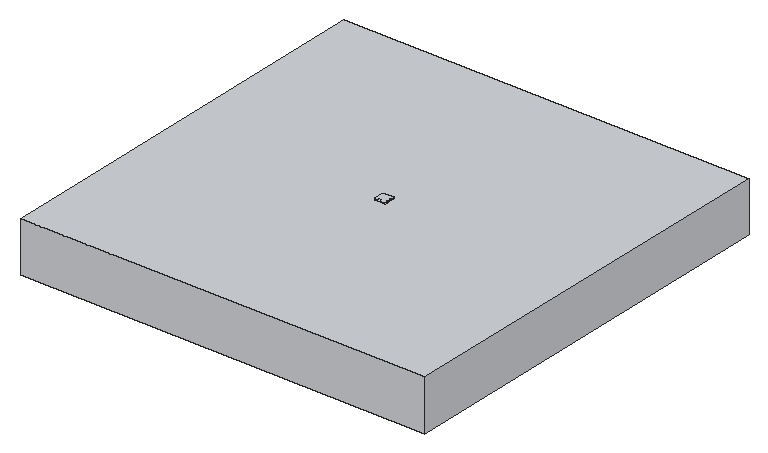
Revit family "Gira_010500", category Allgemeines Modell, Revit 2017
Family settings
  Basisbauteil = Fläche
  Kann Basisbauteil für Bewehrung sein = Nein
  Bemaßung runder Anschluss = Durchmesser verwenden
  Teiletyp = Normal
  Beim Laden mit Abzugskörper schneiden = Nein
  Gemeinsam genutzt = Nein
  Raumberechnungspunkt = Nein
Parameters
  Zusammenstellung = "Basiselement"
  Zufallsgenerator = no
  Werkstoffgüte = "sonstige"
  Werkstoff = "sonstige"
  Waschmaschinenschalter = no
  Default Elevation = 1219.2 mm
  Verwendbar mit Zeitschalter/Timer = no
  Verwendbar mit Taste = yes
  Verwendbar mit Präsenzmelder = no
  Verwendbar mit IR-Taste = no
  Verwendbar mit Funktaste = no
  Verwendbar mit Bewegungsmelder = no
  URL = "https://www.gira.de/"
  Typname = "Wippschalter Serien Einsatz"
  Transparent = no
  Textfeld/Beschriftungsfläche 1 = "nein"
  Textfeld/Beschriftungsfläche = no
  Tastschalter = no
  Seriendimmer = no
  Schaltungsart = "Serienschalter"
  Rückmeldekontakt = no
  Produktseite = "http://katalog.gira.de/de_DE/datenblatt.html?artikelnr=010500"
  Oberfläche = "sonstige"
  Nennspannung [Volt] 5 = 230
  Nennspannung [Volt] 2 = 230
  Nennspannung [Volt] 18 = 250
  Nennspannung [Volt] 17 = 250
  Nennspannung [Volt] 13 = 250
  Nennspannung [Volt] 1 = 230
  Nennspannung [Volt] = "[230:230]"
  Nebenstelleneingang = yes
  Montageart = "Unterputz"
  Mit Montageplatte = no
  Mit Memory-Funktion = no
  Mit Helligkeitssensoranschluss = no
  Mit Glasbruchmelderanschluss = no
  Mit Beleuchtung = no
  Mit Astro-Programm = no
  Max. Schaltleistung [Voltampere] = 1000
  Lichtwertspeicher = no
  Lastart = "sonstige"
  Kontakte = "1 Schließer"
  Integrierte Zeitschaltuhr = no
  Hersteller = "Gira"
  Halogenfrei = no
  HAN = "010500"
  Geeignet für Windsensor = no
  Geeignet für Schutzart (IP) = "IP20"
  Geeignet für Regensensor = no
  GTIN = "4010337105008"
  Funk bidirektional = no
  Frequenz [Hz] = "[50:50]"
  Farbe = "sonstige"
  Dimmung Phasenanschnitt = no
  Dimmung Phasenabschnitt = no
  Datenblatt = "https://katalog.gira.de/de_DE/download.html?artikelnr=010500"
  Bussystem Powernet = no
  Bussystem LON = no
  Bussystem KNX-Funk = no
  Bussystem KNX = yes
  Bussystem Funkbus = no
  Beschreibung = "Einsatz Wippschalter 10 AX 250 V~  Serienschalter"
  Bemessungsstrom = 10 A
  Beleuchtung = "nein"
  Befestigungsart = "Krallen-/Schraubbefestigung"
  Bedienungsart = "Wippe/Taste"
  BIM = "https://media.stage.bim.site/public/gira/876eb45/Einsatz_1fach.rfa"
  Aussperrsicherung = no
  Ausführung der Oberfläche = "nicht zutreffend"
  Ausführung = "Einzeltaster"
  Aufdruck = "ohne"
  App-Steuerung über Bluetooth = no
  Anzahl der Module (bei Modulbauweise) = 1
  Anzahl der Betätigungswippen = 2
  Anschlussart = "Steckklemme"
  Andere Bussysteme = "ohne"
Reference planes
  plane 1 "Center (Front/Back)": y = 0
  plane 2: z = 0
  plane 3 "Center (Left/Right)": x = 0
Forms (mm)
  Extrusion 1, solid
    sketch origin (0, 0, 0) x (1, 0, 0) y (0, 1, 0)
      loop
        line (-1219.2, 1219.2) -> (-1219.2, -1219.2) -> (1219.2, -1219.2) -> (1219.2, 1219.2) -> (-1219.2, 1219.2)
    from 0 to -304.8
  Extrusion 2, solid, detail levels fine
    sketch origin (0, 0, 0) x (1, 0, 0) y (0, 1, 0)
      loop
        line (27.475, 35.475) -> (-27.475, 35.475)
        arc (-27.475, 35.475) -> (-33.132, 33.132) -> (-35.475, 27.475) r 8
        line (-35.475, 27.475) -> (-35.475, -27.475)
        arc (-35.475, -27.475) -> (-33.132, -33.132) -> (-27.475, -35.475) r 8
        line (-27.475, -35.475) -> (27.475, -35.475)
        arc (27.475, -35.475) -> (33.132, -33.132) -> (35.475, -27.475) r 8
        line (35.475, -27.475) -> (35.475, 27.475)
        arc (35.475, 27.475) -> (33.132, 33.132) -> (27.475, 35.475) r 8
    from 0 to 1.8
  Extrusion 3, solid, detail levels fine
    sketch origin (0, 0, 0) x (1, 0, 0) y (0, 1, 0)
      loop
        line (9.678, 25.4) -> (-9.678, 25.4)
        arc (-9.678, 25.4) -> (-12.885, 24.922) -> (-15.814, 23.53) r 11
        arc (-15.814, 23.53) -> (-17.795, 22.07) -> (-19.641, 20.444) r 28.35
        arc (-19.641, 20.444) -> (-21.339, 18.665) -> (-22.876, 16.745) r 28.35
        arc (-22.876, 16.745) -> (-24.456, 13.666) -> (-25, 10.248) r 11
        line (-25, 10.248) -> (-25, -10.248)
        arc (-25, -10.248) -> (-24.456, -13.666) -> (-22.876, -16.745) r 11
        arc (-22.876, -16.745) -> (-20.409, -19.677) -> (-17.569, -22.25) r 28.35
        line (-17.569, -22.25) -> (17.569, -22.25)
        arc (17.569, -22.25) -> (20.409, -19.677) -> (22.876, -16.745) r 28.35
        arc (22.876, -16.745) -> (24.456, -13.666) -> (25, -10.248) r 11
        line (25, -10.248) -> (25, 10.248)
        arc (25, 10.248) -> (24.456, 13.666) -> (22.876, 16.745) r 11
        arc (22.876, 16.745) -> (21.593, 18.37) -> (20.195, 19.897) r 28.35
        arc (20.195, 19.897) -> (18.096, 21.823) -> (15.814, 23.53) r 28.35
        arc (15.814, 23.53) -> (12.885, 24.922) -> (9.678, 25.4) r 11
    from 0 to -22
  Extrusion 4, solid, detail levels medium
    sketch origin (0, 0, 0) x (1, 0, 0) y (0, 1, 0)
      loop
        line (-25, 25.4) -> (-25, -22.25) -> (25, -22.25) -> (25, 25.4) -> (-25, 25.4)
    from 0 to -22
  Extrusion 5, solid, detail levels coarse
    sketch origin (0, 0, 0) x (1, 0, 0) y (0, 1, 0)
      loop
        line (35.475, 35.475) -> (-35.475, 35.475) -> (-35.475, -35.475) -> (35.475, -35.475) -> (35.475, 35.475)
    from -22 to 1.8
  Extrusion 6, solid, detail levels medium
    sketch origin (0, 0, 0) x (1, 0, 0) y (0, 1, 0)
      loop
        line (35.475, 35.475) -> (-35.475, 35.475) -> (-35.475, -35.475) -> (35.475, -35.475) -> (35.475, 35.475)
    from 0 to 1.8
Dimensions and locks
  aligned and locked: plane 2 to Extrusion 1
  aligned and locked: level to Extrusion 1
Connectors
  electrical at (0, 0, -22)
    settings: on Extrusion 5, index 1, voltage 220 V, apparent load 0 VA, apparent load phase1 0 VA, apparent load phase2 0 VA, apparent load phase3 0 VA, power factor 1, load classification "Other", number of poles 1, system type 30, power factor state 1, is connector primary yes, connector utility no, sub classification motor no, connector description ""
